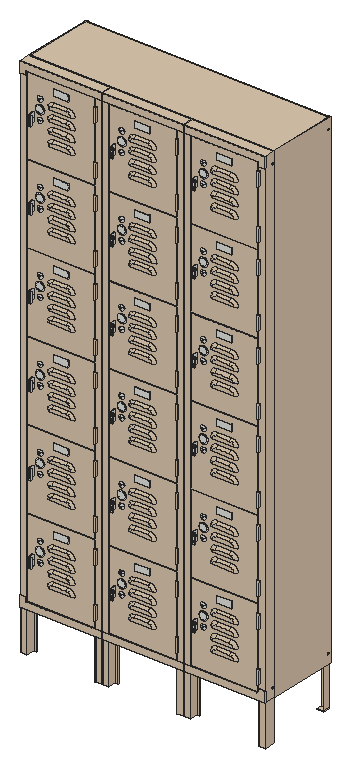
Revit family "Metal_Lockers-Salsbury_Industries-65000_66000_Series-3_Wide_Units", category Specialty Equipment, Revit 2023
Family settings
  Round Connector Dimension = Use Diameter
  Part Type = Normal
  OmniClass Number = 23.40.00.00
  OmniClass Title = Equipment and Furnishings
  Work Plane-Based = No
  Enable Cutting in Views = No
  Always vertical = Yes
  Cut with Voids When Loaded = No
  Maintain Annotation Orientation = No
  Shared = No
  Room Calculation Point = No
Parameters (values of type "66362 - with Standard 6" High Legs")
  Zee Base Corner - Right Side [instance] = Metal Locker Zee Base Corner : None
  Zee Base Corner - Left Side [instance] = Metal Locker Zee Base Corner : None
  Zee Base - Right Side [instance] = Metal Locker Zee Base-Right Side : None
  Zee Base - Left Side [instance] = Metal Locker Zee Base-Left Side : None
  Zee Base = Metal Locker Zee Base - 3 Wide : None
  Width = 36.040"
  Version = "2.0 (06/30/17)"
  Unit Height including Sloping Hood Only [instance] = 78.625"
  Unit Height = 72.000"
  URL = "www.lockers.com"
  Type Comments = "Standard Metal Lockers - Six Tier"
  Total Door(s) Height [instance] = 69.81949"
  Top Row of Doors = yes
  Top Compartment Divider = yes
  Test Data = "https://www.lockers.com/videolibrary/"
  Specification = "https://www.lockers.com/architect-resources//"
  Sloping Top In-Line Filler - Right Side [instance] = Metal Locker Sloping Top Filler : None
  Sloping Top In-Line Filler - Left Side [instance] = Metal Locker Sloping Top Filler : None
  Sloping Top Corner Filler - Right Side [instance] = Metal Locker Sloping Corner Filler : None
  Sloping Top Corner Filler - Left Side [instance] = Metal Locker Sloping Corner Filler : None
  Sloping Hood Height = if(Depth = 12.010", 6.625", if(Depth = 15.010", 8.682", if(Depth = 18.010", 10.739", 0.000")))  # 6.625"
  Sloping Hood = Metal Locker Sloping Hood : None
  Sales Information = "https://www.lockers.com/request_a_quote/"
  Revision = "R1_2018-10"
  Product Data = "https://www.lockers.com/downloads__catalog/"
  Manufacturer Website = "https://www.lockers.com/"
  Manufacturer Phone - Toll Free = "1-800-562-5377"
  Manufacturer Phone = "(323) 846-6700"
  Manufacturer Fax = "1-800-562-5399"
  Manufacturer Address = "1010 East 62nd Street, Los Angeles, CA 90001-1598"
  Keynote = "10 51 00"
  Installation-Fabrication = "https://www.lockers.com/downloads__installation_instructions/"
  Green Building-LEED = "https://www.arcat.com/green/green_building.shtml"
  Drawn By = ""
  Default Elevation = 0.000"
  Copyright = ""
  Construction Details = "https://www.lockers.com/downloads__catalog/"
  Compartment Divider Height = Individual Door Height - 0.375"  # 11.157"
  Right Side Base [instance] = Metal Locker Right Side Base : None
  Primary Structure Material [instance] = Paint - Salsbury Finish - Tan
  Overall Width including Rivets [instance] = 36.120"
  Unit Height including Base Only [instance] = 78.000"
  Overall Unit Height (including Base and Sloping Hood) [instance] = 84.625"
  OmniClass 23 Title = "Equipment and Furnishings"
  OmniClass 23 Number = "23.40.00.00"
  Model = "66362"
  MasterFormat Title = "Lockers"
  MasterFormat Number = "10 51 13"
  Manufacturer = "Salsbury Industries"
  Left Side Base [instance] = Metal Locker Left Side Base : None
  Individual Door Height = 11.532"
  Hasp Plate Rivet Material = Steel -Salsbury Finish - Polished Steel
  Hasp Handle Material = Plastic - Salsbury Finish - Black
  Front Vertical Filler - Right [instance] = Metal Locker Front Filler : None
  Front Vertical Filler - Left [instance] = Metal Locker Front Filler : None
  Front Base [instance] = Metal Locker Front Base : None
  Flat Top In-Line Filler - Right Side [instance] = Metal Locker Flat Top Filler : None
  Flat Top In-Line Filler - Left Side [instance] = Metal Locker Flat Top Filler : None
  Flat Top Corner Filler - Right Side [instance] = Metal Locker Flat Corner Filler : None
  Flat Top Corner Filler - Left Side [instance] = Metal Locker Flat Corner Filler : None
  Individual Door Width [instance] = 33.90055"
  End Panel - Right Side [instance] = Metal Locker End Panel : None
  End Panel - Left Side [instance] = Metal Locker End Panel : None
  Door Location D1 = Metal Locker Doors-12 inch with Latch Hasps : Six Tier Door - 6 foot
  Description = "3 Wide - 6 Feet High - 12 Inches Deep"
  Depth = 12.010"
  Category = ""
  Building Codes = "https://www.lockers.com/downloads__forms_and_information/"
  Base Height = 6.000"
  Standard Leg Base = Metal Locker Legs - 3 Wide : 6" High - 36" W x 12" D
  Assembly Code = "C1030310"
Reference planes (in)
  plane 1 "Center (Front/Back)": y = 0
  plane 2: z = 0
  plane 3 "Center (Left/Right)": x = 0
  plane 4 "Floor": z = 0
  plane 5 "Bottom of Unit": z = 6
  plane 6 "Top of Unit": z = 78
  plane 7 "Left Side of Unit": x = -18.02
  plane 8 "Right Side of Unit": x = 18.02
  plane 9 "Back of Unit": y = 6.005
  plane 10 "Front of Unit": y = -6.005
  plane 11 "Top of Sloping Hood": z = 84.625
  plane 12 "Left Rivet": x = -18.06
  plane 13 "Right Rivet": x = 18.06
  plane 14 "Right Side of Door Opening": x = 17.02
  plane 15 "Left Side of Door Opening": x = -17.02
  plane 16 "Top of Door Opening": z = 77
  plane 17 "Bottom of Door Opening": z = 7
  plane 18 "Back Edge of Front Facing": y = -4.417
  plane 19 "Front Plate Plane": y = -6.065
  plane 20 "Horizontal Center of Top Rivets": z = 76.5
  plane 21 "Horiz Center of Bottom Rivets": z = 7.5
  plane 22 "Vertical Center of Back Rivets": y = 5.505
  plane 23 "Vertical Center of Front Rivets": y = -4.755
  plane 24 "Right Align Top Filler Overlap": x = 17.435
  plane 25 "Left Align Top Filler Overlap": x = -17.435
  plane 26 "Corner Filler Align-Left": x = -18.08
  plane 27 "Corner Filler Align-Right": x = 18.08
  plane 28 "Right Side of Door": x = 16.95026
  plane 29 "Top of Door 1": z = 76.90976
  plane 30 "Bottom of Bottom Door": z = 7.09027
  plane 31 "Zee Base Offset": x = -17.669
  plane 32: x = 17.669
  plane 33 "Compartment Align 3": z = 19.157
  plane 34: x = -17.96
  plane 35: x = 17.96
  plane 36: x = -17.635
  plane 37: x = 17.635
  plane 38: y = 5.945
  plane 39: y = 5.895
  plane 40: y = 5.145
  plane 41: x = -17.9
  plane 42: x = 17.9
  plane 43: x = -17.095
  plane 44: x = 17.095
  plane 45: z = 77.94
  plane 46: z = 19.097
  plane 47: z = 18.157
  plane 48: z = 6.9204
  plane 49: z = 6.18539
  plane 50: z = 76.40796
  plane 51: z = 7.59204
  plane 52 "Right Side of Center Unit": x = 6.00667
  plane 53 "Left Side of Center Unit": x = -6.00667
  plane 54: x = 6.98167
  plane 55 "Left Side of Door Opening-Right Door": x = 7.00667
  plane 56: x = 5.03167
  plane 57 "Right Side of Door Opening-Center Door": x = 5.00667
  plane 58 "Right Side of Door - Center Door": x = 4.93667
  plane 59: x = -5.03167
  plane 60 "Left Side of Door Opening - Center Door": x = -5.00667
  plane 61: x = -6.98167
  plane 62 "Right Side of Door Opening - Left Door": x = -7.00667
  plane 63 "Right Side of Door - Left Door": x = -7.07667
  plane 64: z = 18.157
  plane 65 "Top of Door Row 3": z = 18.62227
  plane 66 "Bottom of Door Row 2": z = 18.74776
  plane 67 "Top of Door Row 2": z = 30.27976
  plane 68: z = 30.40676
  plane 69 "Compartment Align 2": z = 30.77927
  plane 70: z = 30.71927
  plane 71: z = 29.77927
  plane 72: z = 53.22076
  plane 73: z = 41.93876
  plane 74: z = 42.06376
  plane 75: z = 41.43676
  plane 76: z = 42.37676
  plane 77 "Compartment Align 1": z = 42.43676
  plane 78: z = 70.70625
  plane 79: z = 53.59576
  plane 80: z = 53.72076
  plane 81: z = 65.25276
  plane 82: z = 65.37776
  plane 83: z = 53.09576
  plane 84: z = 54.03576
  plane 85: z = 54.09576
  plane 86: z = 64.75276
  plane 87: z = 65.69276
  plane 88: z = 65.75276
  plane 89: z = 82.36525
  plane 90: z = 94.02225
Forms (in)
  Sweep 1, solid, material "Paint - Salsbury Finish - Tan" <- "Primary Structure Material"
    path origin (0, -6.005, 0) x (1, 0, 0) y (0, 0, 1)
      loop
        line (6.00667, 78) -> (6.00667, 6) -> (18.02, 6) -> (18.02, 78) -> (6.00667, 78)
    profile origin (12.01333, -6.005, 78) x (0, 0, 1) y (0, -1, 0)
      loop
        line (0, 0) -> (-1, 0) -> (-1, -1.588) -> (0, -1.588) -> (0, 0)
  Extrusion 2, solid, material "Paint - Salsbury Finish - Tan" <- "Primary Structure Material"
    sketch origin (0, 0, 6) x (0, -1, 0) y (1, 0, 0)
      loop
        line (4.417, 18.02) -> (-6.005, 18.02) -> (-6.005, 17.635) -> (-5.945, 17.635) -> (-5.945, 17.96) -> (4.417, 17.96) -> (4.417, 18.02)
    from 0 to 72
  Extrusion 3, solid, material "Paint - Salsbury Finish - Tan" <- "Primary Structure Material"
    sketch origin (0, 0, 6) x (0, -1, 0) y (1, 0, 0)
      loop
        line (4.417, -18.02) -> (4.417, -17.96) -> (-5.945, -17.96) -> (-5.945, -17.635) -> (-6.005, -17.635) -> (-6.005, -18.02) -> (4.417, -18.02)
    from 0 to 72
  Extrusion 4, solid, material "Paint - Salsbury Finish - Tan" <- "Primary Structure Material"
    sketch origin (0, 0, 6) x (0, -1, 0) y (1, 0, 0)
      loop
        line (-5.945, -17.96) -> (-5.145, -17.96) -> (-5.145, -17.9) -> (-5.895, -17.9) -> (-5.895, 17.9) -> (-5.145, 17.9) -> (-5.145, 17.96) -> (-5.945, 17.96) -> (-5.945, -17.96)
    from 0 to 72
  Sweep 5, solid, material "Paint - Salsbury Finish - Tan" <- "Primary Structure Material"
    path origin (0, 0, 7) x (0, -1, 0) y (1, 0, 0)
      loop
        line (4.417, -17.96) -> (4.417, 17.96) -> (-5.145, 17.96) -> (-5.145, 17.9) -> (-5.895, 17.9) -> (-5.895, -17.9) -> (-5.145, -17.9) -> (-5.145, -17.96) -> (4.417, -17.96)
    profile origin (-17.96, 0.364, 7) x (-1, 0, 0) y (0, 0, 1)
      loop
        line (0, -0.81461) -> (0, -0.0796) -> (-0.06, -0.0796) -> (-0.06, -0.81461) -> (0, -0.81461)
  Extrusion 6, solid, material "Paint - Salsbury Finish - Tan" <- "Primary Structure Material"
    sketch origin (0, 0, 7) x (0, -1, 0) y (1, 0, 0)
      loop
        line (-5.895, -17.9) -> (-5.145, -17.9) -> (-5.145, -17.96) -> (4.417, -17.96) -> (4.417, 17.96) -> (-5.145, 17.96) -> (-5.145, 17.9) -> (-5.895, 17.9) -> (-5.895, -17.9)
    from -0.0796 to 0
  Extrusion 7, solid, material "Paint - Salsbury Finish - Tan" <- "Primary Structure Material"
    sketch origin (0, 0, 78) x (0, -1, 0) y (1, 0, 0)
      loop
        line (-5.895, -17.9) -> (-5.145, -17.9) -> (-5.145, -17.96) -> (4.417, -17.96) -> (4.417, 17.96) -> (-5.145, 17.96) -> (-5.145, 17.9) -> (-5.895, 17.9) -> (-5.895, -17.9)
    from -0.06 to 0
  Extrusion 8, solid, material "Paint - Salsbury Finish - Tan" <- "Primary Structure Material"
    sketch origin (0, -6.065, 0) x (0, 0, -1) y (1, 0, 0)
      loop
        line (-78, -18.02) -> (-76.47656, -18.02)
        arc (-76.47656, -18.02) -> (-76.42806, -17.99991) -> (-76.40796, -17.9514) r 0.0686
        line (-76.40796, -17.9514) -> (-76.40796, -17.16351)
        arc (-76.40796, -17.16351) -> (-76.42809, -17.11506) -> (-76.47656, -17.095) r 0.0686
        line (-76.47656, -17.095) -> (-77, -17.095) -> (-77, 17.095) -> (-76.47656, 17.095)
        arc (-76.47656, 17.095) -> (-76.42809, 17.11506) -> (-76.40796, 17.16351) r 0.0686
        line (-76.40796, 17.16351) -> (-76.40796, 17.9514)
        arc (-76.40796, 17.9514) -> (-76.42806, 17.99991) -> (-76.47656, 18.02) r 0.0686
        line (-76.47656, 18.02) -> (-78, 18.02) -> (-78, -18.02)
    from -0.06 to 0
  Extrusion 9, solid, material "Paint - Salsbury Finish - Tan" <- "Primary Structure Material"
    sketch origin (0, -6.065, 84) x (0, 0, 1) y (-1, 0, 0)
      loop
        line (-78, 18.02) -> (-78, -18.02) -> (-76.47656, -18.02)
        arc (-76.47656, -18.02) -> (-76.42806, -17.99991) -> (-76.40796, -17.9514) r 0.0686
        line (-76.40796, -17.9514) -> (-76.40796, -17.16351)
        arc (-76.40796, -17.16351) -> (-76.42809, -17.11506) -> (-76.47656, -17.095) r 0.0686
        line (-76.47656, -17.095) -> (-77, -17.095) -> (-77, 17.095) -> (-76.47656, 17.095)
        arc (-76.47656, 17.095) -> (-76.42809, 17.11506) -> (-76.40796, 17.16351) r 0.0686
        line (-76.40796, 17.16351) -> (-76.40796, 17.9514)
        arc (-76.40796, 17.9514) -> (-76.42806, 17.99991) -> (-76.47656, 18.02) r 0.0686
        line (-76.47656, 18.02) -> (-78, 18.02)
    from -0.06 to 0
  Blend 10, solid, material "Steel -Salsbury Finish - Polished Steel" <- "Hasp Plate Rivet Material"
    base sketch origin (18.02, 0, 0) x (0, 0, -1) y (0, -1, 0)
      loop
        circle (-76.5, 4.755) r 0.187
    top sketch origin (18.02, 0, 0) x (0, 0, -1) y (0, -1, 0)
      loop
        circle (-76.5, 4.755) r 0.05319
    from 0 to -0.04
  Blend 11, solid, material "Steel -Salsbury Finish - Polished Steel" <- "Hasp Plate Rivet Material"
    base sketch origin (18.02, 0, -69) x (0, 0, -1) y (0, -1, 0)
      loop
        circle (-76.5, 4.755) r 0.187
    top sketch origin (18.02, 0, -69) x (0, 0, -1) y (0, -1, 0)
      loop
        circle (-76.5, 4.755) r 0.05319
    from 0 to -0.04
  Blend 12, solid, material "Steel -Salsbury Finish - Polished Steel" <- "Hasp Plate Rivet Material"
    base sketch origin (18.02, 10.26, -69) x (0, 0, -1) y (0, -1, 0)
      loop
        circle (-76.5, 4.755) r 0.187
    top sketch origin (18.02, 10.26, -69) x (0, 0, -1) y (0, -1, 0)
      loop
        circle (-76.5, 4.755) r 0.05319
    from 0 to -0.04
  Blend 13, solid, material "Steel -Salsbury Finish - Polished Steel" <- "Hasp Plate Rivet Material"
    base sketch origin (18.02, 10.26, 0.0043) x (0, 0, -1) y (0, -1, 0)
      loop
        circle (-76.5, 4.755) r 0.187
    top sketch origin (18.02, 10.26, 0.0043) x (0, 0, -1) y (0, -1, 0)
      loop
        circle (-76.5, 4.755) r 0.05319
    from 0 to -0.04
  Blend 14, solid, material "Steel -Salsbury Finish - Polished Steel" <- "Hasp Plate Rivet Material"
    base sketch origin (-6.02, 0, -69) x (0, 0, -1) y (0, 1, 0)
      loop
        circle (-76.5, -4.755) r 0.187
    top sketch origin (-6.02, 0, -69) x (0, 0, -1) y (0, 1, 0)
      loop
        circle (-76.5, -4.755) r 0.05319
    from -12 to -12.04
  Blend 15, solid, material "Steel -Salsbury Finish - Polished Steel" <- "Hasp Plate Rivet Material"
    base sketch origin (-6.02, 10.26, -69) x (0, 0, -1) y (0, 1, 0)
      loop
        circle (-76.5, -4.755) r 0.187
    top sketch origin (-6.02, 10.26, -69) x (0, 0, -1) y (0, 1, 0)
      loop
        circle (-76.5, -4.755) r 0.05319
    from -12 to -12.04
  Blend 16, solid, material "Steel -Salsbury Finish - Polished Steel" <- "Hasp Plate Rivet Material"
    base sketch origin (-6.02, 0, 0) x (0, 0, -1) y (0, 1, 0)
      loop
        circle (-76.5, -4.755) r 0.187
    top sketch origin (-6.02, 0, 0) x (0, 0, -1) y (0, 1, 0)
      loop
        circle (-76.5, -4.755) r 0.05319
    from -12 to -12.04
  Blend 17, solid, material "Steel -Salsbury Finish - Polished Steel" <- "Hasp Plate Rivet Material"
    base sketch origin (-6.02, 10.26, 0.00039) x (0, 0, -1) y (0, 1, 0)
      loop
        circle (-76.5, -4.755) r 0.187
    top sketch origin (-6.02, 10.26, 0.00039) x (0, 0, -1) y (0, 1, 0)
      loop
        circle (-76.5, -4.755) r 0.05319
    from -12 to -12.04
  Extrusion 18, solid, material "Paint - Salsbury Finish - Tan" <- "Primary Structure Material"
    sketch origin (0, 0, 19.157) x (0, -1, 0) y (1, 0, 0)
      loop
        line (-5.945, -17.9) -> (-5.145, -17.9) -> (-5.145, -17.96) -> (4.417, -17.96) -> (4.417, 17.96) -> (-5.145, 17.96) -> (-5.145, 17.9) -> (-5.945, 17.9) -> (-5.945, -17.9)
    from -0.06 to 0
  Sweep 19, solid, material "Paint - Salsbury Finish - Tan" <- "Primary Structure Material"
    path origin (0, 0, 19.157) x (0, -1, 0) y (1, 0, 0)
      loop
        line (4.417, -17.96) -> (4.417, 17.96) -> (-5.145, 17.96) -> (-5.145, 17.9) -> (-5.945, 17.9) -> (-5.945, -17.9) -> (-5.145, -17.9) -> (-5.145, -17.96) -> (4.417, -17.96)
    profile origin (-17.96, 0.364, 19.157) x (-1, 0, 0) y (0, 0, 1)
      loop
        line (0, -1) -> (0, -0.06) -> (-0.06, -0.06) -> (-0.06, -1) -> (0, -1)
  Sweep 20, solid, material "Paint - Salsbury Finish - Tan" <- "Primary Structure Material"
    path origin (-12.01333, -6.005, 0) x (1, 0, 0) y (0, 0, 1)
      loop
        line (6.00667, 78) -> (6.00667, 6) -> (18.02, 6) -> (18.02, 78) -> (6.00667, 78)
    profile origin (0, -6.005, 78) x (0, 0, 1) y (0, -1, 0)
      loop
        line (0, 0) -> (-1, 0) -> (-1, -1.588) -> (0, -1.588) -> (0, 0)
  Sweep 21, solid, material "Paint - Salsbury Finish - Tan" <- "Primary Structure Material"
    path origin (-24.02667, -6.005, 0) x (1, 0, 0) y (0, 0, 1)
      loop
        line (6.00667, 78) -> (6.00667, 6) -> (18.02, 6) -> (18.02, 78) -> (6.00667, 78)
    profile origin (-12.01333, -6.005, 78) x (0, 0, 1) y (0, -1, 0)
      loop
        line (0, 0) -> (-1, 0) -> (-1, -1.588) -> (0, -1.588) -> (0, 0)
  Extrusion 22, solid, material "Paint - Salsbury Finish - Tan" <- "Primary Structure Material"
    sketch origin (0, 0, 30.77927) x (0, -1, 0) y (1, 0, 0)
      loop
        line (-5.945, -17.9) -> (-5.145, -17.9) -> (-5.145, -17.96) -> (4.417, -17.96) -> (4.417, 17.96) -> (-5.145, 17.96) -> (-5.145, 17.9) -> (-5.945, 17.9) -> (-5.945, -17.9)
    from -0.06 to 0
  Sweep 23, solid, material "Paint - Salsbury Finish - Tan" <- "Primary Structure Material"
    path origin (0, 0, 30.77927) x (0, -1, 0) y (1, 0, 0)
      loop
        line (4.417, -17.96) -> (4.417, 17.96) -> (-5.145, 17.96) -> (-5.145, 17.9) -> (-5.945, 17.9) -> (-5.945, -17.9) -> (-5.145, -17.9) -> (-5.145, -17.96) -> (4.417, -17.96)
    profile origin (-17.96, 0.364, 30.77927) x (-1, 0, 0) y (0, 0, 1)
      loop
        line (0, -1) -> (0, -0.06) -> (-0.06, -0.06) -> (-0.06, -1) -> (0, -1)
  Extrusion 24, solid, material "Paint - Salsbury Finish - Tan" <- "Primary Structure Material"
    sketch origin (0, 0, 42.43676) x (0, -1, 0) y (1, 0, 0)
      loop
        line (-5.945, -17.9) -> (-5.145, -17.9) -> (-5.145, -17.96) -> (4.417, -17.96) -> (4.417, 17.96) -> (-5.145, 17.96) -> (-5.145, 17.9) -> (-5.945, 17.9) -> (-5.945, -17.9)
    from -0.06 to 0
  Sweep 25, solid, material "Paint - Salsbury Finish - Tan" <- "Primary Structure Material"
    path origin (0, 0, 42.43676) x (0, -1, 0) y (1, 0, 0)
      loop
        line (4.417, -17.96) -> (4.417, 17.96) -> (-5.145, 17.96) -> (-5.145, 17.9) -> (-5.945, 17.9) -> (-5.945, -17.9) -> (-5.145, -17.9) -> (-5.145, -17.96) -> (4.417, -17.96)
    profile origin (-17.96, 0.364, 42.43676) x (-1, 0, 0) y (0, 0, 1)
      loop
        line (0, -1) -> (0, -0.06) -> (-0.06, -0.06) -> (-0.06, -1) -> (0, -1)
  Extrusion 26, solid, material "Paint - Salsbury Finish - Tan" <- "Primary Structure Material"
    sketch origin (0, 0, 54.09576) x (0, -1, 0) y (1, 0, 0)
      loop
        line (-5.945, -17.9) -> (-5.145, -17.9) -> (-5.145, -17.96) -> (4.417, -17.96) -> (4.417, 17.96) -> (-5.145, 17.96) -> (-5.145, 17.9) -> (-5.945, 17.9) -> (-5.945, -17.9)
    from -0.06 to 0
  Sweep 27, solid, material "Paint - Salsbury Finish - Tan" <- "Primary Structure Material"
    path origin (0, 0, 54.09576) x (0, -1, 0) y (1, 0, 0)
      loop
        line (4.417, -17.96) -> (4.417, 17.96) -> (-5.145, 17.96) -> (-5.145, 17.9) -> (-5.945, 17.9) -> (-5.945, -17.9) -> (-5.145, -17.9) -> (-5.145, -17.96) -> (4.417, -17.96)
    profile origin (-17.96, 0.364, 54.09576) x (-1, 0, 0) y (0, 0, 1)
      loop
        line (0, -1) -> (0, -0.06) -> (-0.06, -0.06) -> (-0.06, -1) -> (0, -1)
  Extrusion 28, solid, material "Paint - Salsbury Finish - Tan" <- "Primary Structure Material", visible <- "Top Compartment Divider"
    sketch origin (0, 0, 65.75276) x (0, -1, 0) y (1, 0, 0)
      loop
        line (-5.945, -17.9) -> (-5.145, -17.9) -> (-5.145, -17.96) -> (4.417, -17.96) -> (4.417, 17.96) -> (-5.145, 17.96) -> (-5.145, 17.9) -> (-5.945, 17.9) -> (-5.945, -17.9)
    from -0.06 to 0
  Sweep 29, solid, material "Paint - Salsbury Finish - Tan" <- "Primary Structure Material", visible <- "Top Compartment Divider"
    path origin (0, 0, 65.75276) x (0, -1, 0) y (1, 0, 0)
      loop
        line (4.417, -17.96) -> (4.417, 17.96) -> (-5.145, 17.96) -> (-5.145, 17.9) -> (-5.945, 17.9) -> (-5.945, -17.9) -> (-5.145, -17.9) -> (-5.145, -17.96) -> (4.417, -17.96)
    profile origin (-17.96, 0.364, 65.75276) x (-1, 0, 0) y (0, 0, 1)
      loop
        line (0, -1) -> (0, -0.06) -> (-0.06, -0.06) -> (-0.06, -1) -> (0, -1)
Lines and regions (in)
  reference lines
    curve 1: line (-41.59242, -6.065, 78) -> (48.15758, -6.065, 78)
  symbolic lines
    curve 2: line (-18.02, 6.005, 78) -> (18.02, 6.005, 78)
    curve 3: line (-18.02, -6.065, 78) -> (-18.02, 6.005, 78)
    curve 4: line (18.02, -6.065, 78) -> (-18.02, -6.065, 78)
    curve 5: line (18.02, 6.005, 78) -> (18.02, -6.065, 78)
    curve 6: line (-18.06, -4.80819, 78) -> (-18.02, -4.91809, 78)
    curve 7: line (-18.02, -4.58043, 78) -> (-18.06, -4.70181, 78)
    curve 8: line (-18.06, -4.80819, 78) -> (-18.06, -4.70181, 78)
    curve 9: line (-18.06, 5.45181, 78) -> (-18.02, 5.31077, 78)
    curve 10: line (-18.06, 5.55819, 78) -> (-18.02, 5.68474, 78)
    curve 11: line (-18.06, 5.55819, 78) -> (-18.06, 5.45181, 78)
    curve 12: line (18.06, 5.55819, 78) -> (18.02, 5.70747, 78)
    curve 13: line (18.06, 5.45181, 78) -> (18.02, 5.3179, 78)
    curve 14: line (18.06, 5.55819, 78) -> (18.06, 5.45181, 78)
    curve 15: line (18.06, -4.70181, 78) -> (18.02, -4.57098, 78)
    curve 16: line (18.06, -4.80819, 78) -> (18.02, -4.94769, 78)
    curve 17: line (18.06, -4.70181, 78) -> (18.06, -4.80819, 78)
  model lines
    curve 18: line (6.00667, 6.005, 6) -> (6.00667, 6.005, 78)
    curve 19: line (-6.00667, 6.005, 6) -> (-6.00667, 6.005, 78)
    curve 20: line (-6.00667, 5.945, 78) -> (-6.00667, -6.065, 78)
    curve 21: line (6.00667, 5.945, 78) -> (6.00667, -6.065, 78)
Dimensions and locks (in)
  equal spacing: plane 7 "Left Side of Unit", plane 53 "Left Side of Center Unit", plane 52 "Right Side of Center Unit", plane 8 "Right Side of Unit"
  "Width": plane 7 "Left Side of Unit" to plane 8 "Right Side of Unit"
  "Base Height": plane 5 "Bottom of Unit" to plane 4 "Floor"
  "Unit Height": plane 6 "Top of Unit" to plane 5 "Bottom of Unit"
  "Unit Height including Base Only": plane 6 "Top of Unit" to plane 4 "Floor"
  equal spacing: plane 10 "Front of Unit", plane 1 "Center (Front/Back)", plane 9 "Back of Unit"
  "Depth": plane 10 "Front of Unit" to plane 9 "Back of Unit"
  "Sloping Hood Height": plane 11 "Top of Sloping Hood" to plane 6 "Top of Unit"
  "Overall Unit Height (including Base and Sloping Hood)": plane 11 "Top of Sloping Hood" to plane 4 "Floor"
  locked: plane 12 "Left Rivet" to plane 7 "Left Side of Unit" at 0.04
  locked: plane 8 "Right Side of Unit" to plane 13 "Right Rivet" at 0.04
  "Overall Width including Rivets": plane 12 "Left Rivet" to plane 13 "Right Rivet"
  plane 6 "Top of Unit" to plane 16 "Top of Door Opening" to plane 29 "Top of Door 1" to plane 50 = 1.000" locked, 0.09024", 0.5018"
  plane 51 to plane 30 "Bottom of Bottom Door" to plane 17 "Bottom of Door Opening" to plane 5 "Bottom of Unit" = 0.50177", 0.09027", 1.000" locked
  locked: plane 7 "Left Side of Unit" to plane 15 "Left Side of Door Opening" at 1
  plane 28 "Right Side of Door" to plane 14 "Right Side of Door Opening" to plane 8 "Right Side of Unit" = 0.06974", 1.000" locked
  plane 19 "Front Plate Plane" to plane 10 "Front of Unit" to plane 18 "Back Edge of Front Facing" = 0.060" locked, 1.588" locked
  "Unit Height including Sloping Hood Only": plane 11 "Top of Sloping Hood" to plane 5 "Bottom of Unit"
  locked: plane 20 "Horizontal Center of Top Rivets" to plane 6 "Top of Unit" at 1.5
  locked: plane 5 "Bottom of Unit" to plane 21 "Horiz Center of Bottom Rivets" at 1.5
  locked: plane 22 "Vertical Center of Back Rivets" to plane 9 "Back of Unit" at 0.5
  locked: plane 10 "Front of Unit" to plane 23 "Vertical Center of Front Rivets" at 1.25
  locked: plane 24 "Right Align Top Filler Overlap" to plane 13 "Right Rivet" at 0.625
  locked: plane 12 "Left Rivet" to plane 25 "Left Align Top Filler Overlap" at 0.625
  locked: plane 8 "Right Side of Unit" to plane 27 "Corner Filler Align-Right" at 0.06
  locked: plane 26 "Corner Filler Align-Left" to plane 7 "Left Side of Unit" at 0.06
  "Total Door(s) Height": plane 29 "Top of Door 1" to plane 30 "Bottom of Bottom Door"
  plane 7 "Left Side of Unit" to plane 31 "Zee Base Offset" = 0.351"
  plane 32 to plane 8 "Right Side of Unit" = 0.351"
  plane 33 "Compartment Align 3" to plane 46 to plane 64 = 0.060" locked, 0.940" locked
  plane 7 "Left Side of Unit" to plane 34 to plane 41 to plane 36 = 0.060" locked, 0.060" locked, 0.265" locked
  plane 37 to plane 42 to plane 35 to plane 8 "Right Side of Unit" = 0.265" locked, 0.060", 0.060"
  plane 40 to plane 39 to plane 38 to plane 9 "Back of Unit" = 0.750" locked, 0.050", 0.060"
  locked: plane 7 "Left Side of Unit" to plane 43 at 0.925
  locked: plane 44 to plane 8 "Right Side of Unit" at 0.925
  locked: plane 6 "Top of Unit" to plane 45 at 0.06
  plane 46 to plane 47 = 0.940"
  locked: plane 17 "Bottom of Door Opening" to plane 48 at 0.0796
  plane 48 to plane 49 = 0.73501"
  plane 58 "Right Side of Door - Center Door" to plane 57 "Right Side of Door Opening-Center Door" to plane 56 to plane 52 "Right Side of Center Unit" to plane 54 to plane 55 "Left Side of Door Opening-Right Door" = 0.070", 0.025", 0.975", 0.975", 0.025"
  plane 63 "Right Side of Door - Left Door" to plane 62 "Right Side of Door Opening - Left Door" to plane 61 to plane 53 "Left Side of Center Unit" to plane 59 to plane 60 "Left Side of Door Opening - Center Door" = 0.070", 0.025", 0.975", 0.975", 0.025"
  "Individual Door Height": plane 65 "Top of Door Row 3" to plane 30 "Bottom of Bottom Door"
  "Compartment Divider Height": plane 64 to plane 17 "Bottom of Door Opening"
  locked: plane 66 "Bottom of Door Row 2" to plane 65 "Top of Door Row 3" at 0.12549
  "Individual Door Height": plane 67 "Top of Door Row 2" to plane 66 "Bottom of Door Row 2"
  locked: plane 68 to plane 67 "Top of Door Row 2" at 0.127
  plane 69 "Compartment Align 2" to plane 70 to plane 71 = 0.060" locked, 0.940" locked
  "Compartment Divider Height": plane 71 to plane 65 "Top of Door Row 3"
  "Individual Door Height": plane 73 to plane 68
  locked: plane 74 to plane 73 at 0.125
  "Compartment Divider Height": plane 75 to plane 67 "Top of Door Row 2"
  plane 77 "Compartment Align 1" to plane 76 to plane 75 = 0.060" locked, 0.940" locked
  locked: plane 80 to plane 79 at 0.125
  locked: plane 82 to plane 81 at 0.125
  "Individual Door Height": plane 79 to plane 74
  "Individual Door Height": plane 81 to plane 80
  "Compartment Divider Height": plane 83 to plane 73
  "Compartment Divider Height": plane 86 to plane 79
  plane 85 to plane 84 to plane 83 = 0.060" locked, 0.940" locked
  plane 88 to plane 87 to plane 86 = 0.060" locked, 0.940" locked
  aligned and locked: level to plane 2
  aligned and locked: Extrusion 2 to plane 6 "Top of Unit"
  aligned and locked: Extrusion 3 to plane 6 "Top of Unit"
  aligned and locked: Extrusion 4 to plane 6 "Top of Unit"
  aligned and locked: Extrusion 8 to plane 10 "Front of Unit"
  aligned and locked: Extrusion 9 to plane 10 "Front of Unit"
  aligned and locked: Extrusion 6 to plane 17 "Bottom of Door Opening"
  aligned and locked: plane 4 "Floor" to nested 2
  aligned and locked: plane 5 "Bottom of Unit" to Extrusion 9
  aligned and locked: plane 8 "Right Side of Unit" to nested 6
  aligned and locked: plane 7 "Left Side of Unit" to nested 7
  aligned and locked: Blend 10 to plane 13 "Right Rivet"
  aligned and locked: plane 8 "Right Side of Unit" to Blend 10
  aligned and locked: Blend 15 to plane 7 "Left Side of Unit"
  aligned and locked: Blend 14 to plane 7 "Left Side of Unit"  (x2)
  aligned and locked: plane 12 "Left Rivet" to Blend 14
  aligned and locked: plane 12 "Left Rivet" to Blend 15
  aligned and locked: Blend 14 to plane 12 "Left Rivet"
  aligned and locked: Blend 17 to plane 7 "Left Side of Unit"
  aligned and locked: plane 12 "Left Rivet" to Blend 17
  aligned and locked: Blend 16 to plane 7 "Left Side of Unit"
  aligned and locked: plane 12 "Left Rivet" to Blend 16
  aligned and locked: plane 5 "Bottom of Unit" to nested 10
  aligned and locked: plane 13 "Right Rivet" to nested 10
  aligned and locked: plane 12 "Left Rivet" to nested 11
  aligned and locked: nested 11 to plane 10 "Front of Unit"
  aligned and locked: plane 13 "Right Rivet" to nested 12
  aligned and locked: plane 10 "Front of Unit" to nested 12
  aligned and locked: plane 6 "Top of Unit" to nested 12
  aligned and locked: plane 12 "Left Rivet" to nested 13
  aligned and locked: plane 10 "Front of Unit" to nested 13
  aligned and locked: plane 6 "Top of Unit" to nested 13
  aligned and locked: plane 6 "Top of Unit" to nested 14
  aligned and locked: nested 14 to plane 19 "Front Plate Plane"
  aligned and locked: nested 14 to plane 24 "Right Align Top Filler Overlap"
  aligned and locked: nested 15 to plane 25 "Left Align Top Filler Overlap"
  aligned and locked: nested 15 to plane 19 "Front Plate Plane"
  aligned and locked: nested 10 to nested 15
  aligned and locked: plane 19 "Front Plate Plane" to nested 16
  aligned and locked: plane 6 "Top of Unit" to nested 16
  aligned and locked: nested 17 to plane 6 "Top of Unit"
  aligned and locked: nested 17 to plane 19 "Front Plate Plane"
  aligned and locked: nested 18 to plane 24 "Right Align Top Filler Overlap"
  aligned and locked: nested 18 to plane 19 "Front Plate Plane"
  aligned and locked: plane 16 "Top of Door Opening" to nested 18
  aligned and locked: nested 19 to plane 16 "Top of Door Opening"
  aligned and locked: nested 19 to plane 25 "Left Align Top Filler Overlap"
  aligned and locked: nested 19 to plane 19 "Front Plate Plane"
  aligned and locked: nested 11 to plane 6 "Top of Unit"
  aligned and locked: plane 10 "Front of Unit" to nested 10
  aligned and locked: plane 10 "Front of Unit" to nested 22
  aligned and locked: plane 10 "Front of Unit" to nested 1
  aligned and locked: plane 10 "Front of Unit" to nested 2
  aligned and locked: plane 7 "Left Side of Unit" to nested 17
  aligned and locked: plane 31 "Zee Base Offset" to nested 9
  aligned and locked: plane 18 "Back Edge of Front Facing" to nested 9
  aligned and locked: nested 8 to plane 18 "Back Edge of Front Facing"
  aligned and locked: plane 32 to nested 8
  aligned and locked: nested 21 to curve 1
  aligned and locked: nested 20 to curve 1
  aligned and locked: Sweep 19 sketch curve to Extrusion 18
  aligned and locked: plane 7 "Left Side of Unit" to Extrusion 3
  aligned and locked: Extrusion 3 to plane 9 "Back of Unit"
  aligned and locked: Extrusion 2 to plane 8 "Right Side of Unit"
  aligned and locked: Extrusion 2 to plane 9 "Back of Unit"
  aligned and locked: plane 18 "Back Edge of Front Facing" to Extrusion 3
  aligned and locked: plane 18 "Back Edge of Front Facing" to Extrusion 2
  aligned and locked: plane 34 to Extrusion 3
  aligned and locked: plane 35 to Extrusion 2
  aligned and locked: plane 36 to Extrusion 3
  aligned and locked: plane 37 to Extrusion 2
  aligned and locked: Extrusion 3 to plane 38
  aligned and locked: plane 38 to Extrusion 2
  aligned and locked: Extrusion 4 to plane 38
  aligned and locked: Extrusion 4 to plane 39
  aligned and locked: plane 34 to Extrusion 4
  aligned and locked: plane 40 to Extrusion 4  (x2)
  aligned and locked: plane 41 to Extrusion 4
  aligned and locked: plane 42 to Extrusion 4
  aligned and locked: Extrusion 7 to plane 39
  aligned and locked: plane 41 to Extrusion 7
  aligned and locked: plane 34 to Extrusion 7  (x2)
  aligned and locked: Extrusion 7 to plane 40  (x2)
  aligned and locked: Extrusion 7 to plane 42
  aligned and locked: Extrusion 7 to plane 35  (x2)
  aligned and locked: plane 18 "Back Edge of Front Facing" to Extrusion 7
  aligned and locked: plane 18 "Back Edge of Front Facing" to Extrusion 6
  aligned and locked: Extrusion 6 to plane 39
  aligned and locked: Extrusion 6 to plane 42
  aligned and locked: Extrusion 6 to plane 40  (x2)
  aligned and locked: Extrusion 6 to plane 35
  aligned and locked: plane 41 to Extrusion 6
  aligned and locked: plane 34 to Extrusion 6
  aligned and locked: Sweep 5 to plane 39
  aligned and locked: Sweep 5 to plane 40  (x2)
  aligned and locked: Sweep 5 to plane 42
  aligned and locked: Sweep 5 to plane 35
  aligned and locked: plane 18 "Back Edge of Front Facing" to Sweep 5
  aligned and locked: plane 34 to Sweep 5
  aligned and locked: plane 41 to Sweep 5
  aligned and locked: Sweep 5 sketch curve to plane 41
  aligned and locked: Sweep 5 sketch curve to plane 39
  aligned and locked: plane 40 to Sweep 5 sketch curve  (x2)
  aligned and locked: Sweep 5 sketch curve to plane 34  (x2)
  aligned and locked: plane 42 to Sweep 5 sketch curve
  aligned and locked: plane 35 to Sweep 5 sketch curve
  aligned and locked: Sweep 5 sketch curve to plane 18 "Back Edge of Front Facing"
  aligned and locked: Extrusion 18 to plane 42
  aligned and locked: Extrusion 18 to plane 40  (x2)
  aligned and locked: Extrusion 18 to plane 35
  aligned and locked: plane 18 "Back Edge of Front Facing" to Extrusion 18
  aligned and locked: plane 34 to Extrusion 18
  aligned and locked: plane 41 to Extrusion 18
  aligned and locked: plane 42 to Sweep 19 sketch curve
  aligned and locked: plane 40 to Sweep 19 sketch curve  (x2)
  aligned and locked: plane 35 to Sweep 19 sketch curve
  aligned and locked: Sweep 19 sketch curve to plane 18 "Back Edge of Front Facing"
  aligned and locked: Sweep 19 sketch curve to plane 34  (x2)
  aligned and locked: Sweep 19 sketch curve to plane 41
  aligned and locked: plane 6 "Top of Unit" to Sweep 1 sketch curve  (x2)
  aligned and locked: plane 8 "Right Side of Unit" to Sweep 1 sketch curve
  aligned and locked: Sweep 1 sketch curve to plane 5 "Bottom of Unit"
  aligned and locked: plane 10 "Front of Unit" to Sweep 1
  aligned and locked: Extrusion 8 to plane 19 "Front Plate Plane"
  aligned and locked: plane 10 "Front of Unit" to Extrusion 8
  aligned and locked: Extrusion 8 to plane 8 "Right Side of Unit"
  aligned and locked: plane 7 "Left Side of Unit" to Extrusion 8
  aligned and locked: plane 7 "Left Side of Unit" to Extrusion 9
  aligned and locked: plane 19 "Front Plate Plane" to Extrusion 9
  aligned and locked: Extrusion 9 to plane 8 "Right Side of Unit"
  aligned and locked: plane 43 to Extrusion 9
  aligned and locked: plane 44 to Extrusion 9
  aligned and locked: plane 44 to Extrusion 8
  aligned and locked: Extrusion 8 to plane 43
  aligned and locked: plane 28 "Right Side of Door" to nested 22
  aligned and locked: plane 18 "Back Edge of Front Facing" to Sweep 1 sketch curve
  aligned and locked: Sweep 1 sketch curve to plane 16 "Top of Door Opening"
  aligned and locked: Sweep 1 sketch curve to plane 10 "Front of Unit"
  aligned and locked: plane 5 "Bottom of Unit" to Extrusion 4
  aligned and locked: Extrusion 4 to plane 35
  aligned and locked: plane 5 "Bottom of Unit" to Extrusion 3
  aligned and locked: plane 5 "Bottom of Unit" to Extrusion 2
  aligned and locked: Extrusion 7 to plane 6 "Top of Unit"
  aligned and locked: plane 45 to Extrusion 7
  aligned and locked: Extrusion 18 to plane 33 "Compartment Align 3"
  aligned and locked: Extrusion 18 to plane 46
  aligned and locked: plane 41 to Sweep 19 sketch curve
  aligned and locked: plane 47 to Sweep 19 sketch curve
  aligned and locked: Extrusion 6 to plane 48
  aligned and locked: Sweep 5 to plane 48
  aligned and locked: Sweep 5 sketch curve to plane 49
  aligned and locked: Sweep 5 sketch curve to plane 48
  aligned and locked: plane 41 to Sweep 5 sketch curve
  aligned and locked: plane 50 to Extrusion 8
  aligned and locked: Extrusion 8 to plane 50
  aligned and locked: Extrusion 8 to plane 6 "Top of Unit"
  aligned and locked: plane 16 "Top of Door Opening" to Extrusion 8
  aligned and locked: Extrusion 9 to plane 17 "Bottom of Door Opening"
  aligned and locked: plane 51 to Extrusion 9  (x2)
  aligned and locked: plane 4 "Floor" to nested 1
  aligned and locked: Blend 12 to plane 13 "Right Rivet"
  aligned and locked: plane 8 "Right Side of Unit" to Blend 12
  aligned and locked: plane 8 "Right Side of Unit" to Blend 13
  aligned and locked: Blend 13 to plane 13 "Right Rivet"
  aligned and locked: plane 8 "Right Side of Unit" to Blend 11
  aligned and locked: Blend 11 to plane 13 "Right Rivet"
  aligned and locked: nested 21 to curve 3
  aligned and locked: curve 4 to Extrusion 8
  aligned and locked: curve 5 to Extrusion 8
  aligned and locked: curve 8 to Blend 14
  aligned and locked: curve 11 to Blend 15
  aligned and locked: curve 14 to Blend 12
  aligned and locked: curve 17 to Blend 10
  aligned and locked: plane 8 "Right Side of Unit" to nested 20
  aligned and locked: plane 7 "Left Side of Unit" to nested 21
  aligned and locked: Sweep 1 sketch curve to plane 52 "Right Side of Center Unit"
  aligned and locked: plane 6 "Top of Unit" to Sweep 20 sketch curve
  aligned and locked: Sweep 20 sketch curve to plane 5 "Bottom of Unit"
  aligned and locked: Sweep 21 sketch curve to plane 5 "Bottom of Unit"
  aligned and locked: plane 53 "Left Side of Center Unit" to Sweep 21 sketch curve
  aligned and locked: Sweep 21 sketch curve to plane 7 "Left Side of Unit"
  aligned and locked: plane 6 "Top of Unit" to Sweep 21 sketch curve
  aligned and locked: Sweep 20 sketch curve to plane 53 "Left Side of Center Unit"
  aligned and locked: plane 52 "Right Side of Center Unit" to Sweep 20 sketch curve
  aligned and locked: plane 10 "Front of Unit" to nested 24
  aligned and locked: plane 18 "Back Edge of Front Facing" to Sweep 20 sketch curve
  aligned and locked: Sweep 20 sketch curve to plane 16 "Top of Door Opening"
  aligned and locked: profile plane to Sweep 20 sketch curve
  aligned and locked: Sweep 20 sketch curve to profile plane
  aligned and locked: profile plane to Sweep 21 sketch curve
  aligned and locked: plane 18 "Back Edge of Front Facing" to Sweep 21 sketch curve
  aligned and locked: Sweep 21 sketch curve to plane 16 "Top of Door Opening"
  aligned and locked: Sweep 21 sketch curve to profile plane
  aligned and locked: plane 58 "Right Side of Door - Center Door" to nested 23
  aligned and locked: plane 63 "Right Side of Door - Left Door" to nested 24
  aligned and locked: nested 23 to plane 30 "Bottom of Bottom Door"
  aligned and locked: nested 24 to plane 30 "Bottom of Bottom Door"
  aligned and locked: plane 4 "Floor" to nested 5
  aligned and locked: plane 8 "Right Side of Unit" to nested 5
  aligned and locked: plane 9 "Back of Unit" to nested 6
  aligned and locked: plane 9 "Back of Unit" to nested 7
  aligned and locked: plane 52 "Right Side of Center Unit" to curve 18
  aligned and locked: plane 53 "Left Side of Center Unit" to curve 19
  aligned and locked: plane 5 "Bottom of Unit" to curve 19
  aligned and locked: plane 5 "Bottom of Unit" to curve 18
  aligned and locked: plane 6 "Top of Unit" to curve 18
  aligned and locked: plane 6 "Top of Unit" to curve 19
  aligned and locked: curve 20 to Extrusion 4
  aligned and locked: curve 20 to Sweep 21
  aligned and locked: curve 21 to Sweep 20
  aligned and locked: Extrusion 4 to curve 21
  aligned and locked: Extrusion 8 to curve 20
  aligned and locked: plane 6 "Top of Unit" to nested 25
  aligned and locked: plane 19 "Front Plate Plane" to nested 25
  aligned and locked: plane 10 "Front of Unit" to nested 23
  aligned and locked: nested 22 to plane 30 "Bottom of Bottom Door"
  aligned and locked: Sweep 19 to plane 64
  aligned and locked: nested 26 to plane 66 "Bottom of Door Row 2"
  aligned and locked: nested 27 to plane 66 "Bottom of Door Row 2"
  aligned and locked: nested 28 to plane 66 "Bottom of Door Row 2"
  aligned and locked: plane 28 "Right Side of Door" to nested 26
  aligned and locked: plane 58 "Right Side of Door - Center Door" to nested 27
  aligned and locked: plane 63 "Right Side of Door - Left Door" to nested 28
  aligned and locked: plane 10 "Front of Unit" to nested 26
  aligned and locked: plane 10 "Front of Unit" to nested 27
  aligned and locked: plane 10 "Front of Unit" to nested 28
  aligned and locked: plane 68 to nested 29
  aligned and locked: nested 30 to plane 68
  aligned and locked: nested 31 to plane 68
  aligned and locked: Extrusion 22 to Sweep 23 sketch curve
  aligned and locked: plane 70 to Extrusion 22
  aligned and locked: Extrusion 22 to plane 69 "Compartment Align 2"
  aligned and locked: Sweep 23 sketch curve to plane 71
  aligned and locked: plane 28 "Right Side of Door" to nested 29
  aligned and locked: plane 58 "Right Side of Door - Center Door" to nested 30
  aligned and locked: plane 63 "Right Side of Door - Left Door" to nested 31
  aligned and locked: plane 10 "Front of Unit" to nested 29
  aligned and locked: plane 10 "Front of Unit" to nested 30
  aligned and locked: plane 10 "Front of Unit" to nested 31
  aligned and locked: Sweep 23 to Extrusion 22  (x2)
  aligned and locked: plane 18 "Back Edge of Front Facing" to Extrusion 22
  aligned and locked: Extrusion 22 to nested 5  (x2)
  aligned and locked: Extrusion 22 to Sweep 23  (x2)
  aligned and locked: Sweep 23 sketch curve to plane 18 "Back Edge of Front Facing"
  aligned and locked: plane 35 to Sweep 23 sketch curve
  aligned and locked: plane 42 to Sweep 23 sketch curve
  aligned and locked: Sweep 23 sketch curve to plane 34
  aligned and locked: Sweep 23 sketch curve to plane 41
  aligned and locked: Sweep 23 sketch curve to plane 38
  aligned and locked: plane 74 to nested 32
  aligned and locked: nested 33 to plane 74
  aligned and locked: nested 34 to plane 74
  aligned and locked: plane 28 "Right Side of Door" to nested 32
  aligned and locked: plane 58 "Right Side of Door - Center Door" to nested 33
  aligned and locked: plane 63 "Right Side of Door - Left Door" to nested 34
  aligned and locked: plane 10 "Front of Unit" to nested 32
  aligned and locked: plane 10 "Front of Unit" to nested 33
  aligned and locked: plane 10 "Front of Unit" to nested 34
  aligned and locked: Extrusion 24 to Sweep 25 sketch curve
  aligned and locked: Sweep 25 to Extrusion 24  (x2)
  aligned and locked: Extrusion 24 to Sweep 25  (x2)
  aligned and locked: Extrusion 24 to plane 77 "Compartment Align 1"
  aligned and locked: plane 76 to Extrusion 24
  aligned and locked: Extrusion 24 to plane 38
  aligned and locked: plane 18 "Back Edge of Front Facing" to Extrusion 24
  aligned and locked: plane 41 to Extrusion 24
  aligned and locked: Extrusion 24 to plane 42
  aligned and locked: Extrusion 24 to plane 35
  aligned and locked: Sweep 25 sketch curve to plane 34
  aligned and locked: Sweep 25 sketch curve to plane 41
  aligned and locked: Sweep 25 sketch curve to plane 18 "Back Edge of Front Facing"
  aligned and locked: plane 35 to Sweep 25 sketch curve
  aligned and locked: plane 42 to Sweep 25 sketch curve
  aligned and locked: Sweep 25 sketch curve to plane 38
  aligned and locked: Sweep 25 sketch curve to plane 75
  aligned and locked: plane 28 "Right Side of Door" to nested 38
  aligned and locked: plane 58 "Right Side of Door - Center Door" to nested 39
  aligned and locked: plane 63 "Right Side of Door - Left Door" to nested 40
  aligned and locked: nested 35 to plane 80
  aligned and locked: nested 36 to plane 80
  aligned and locked: nested 37 to plane 80
  aligned and locked: nested 38 to plane 82
  aligned and locked: nested 39 to plane 82
  aligned and locked: nested 40 to plane 82
  aligned and locked: plane 28 "Right Side of Door" to nested 35
  aligned and locked: plane 58 "Right Side of Door - Center Door" to nested 36
  aligned and locked: plane 63 "Right Side of Door - Left Door" to nested 37
  aligned and locked: plane 10 "Front of Unit" to nested 38
  aligned and locked: plane 10 "Front of Unit" to nested 35
  aligned and locked: plane 10 "Front of Unit" to nested 39
  aligned and locked: plane 10 "Front of Unit" to nested 36
  aligned and locked: plane 10 "Front of Unit" to nested 37
  aligned and locked: plane 10 "Front of Unit" to nested 40
  aligned and locked: Sweep 27 to Extrusion 26  (x2)
  aligned and locked: Extrusion 26 to Sweep 27  (x2)
  aligned and locked: Sweep 29 to Extrusion 28  (x2)
  aligned and locked: Extrusion 28 to Sweep 29  (x2)
  aligned and locked: Extrusion 26 to plane 85
  aligned and locked: plane 84 to Extrusion 26
  aligned and locked: Extrusion 28 to plane 88
  aligned and locked: plane 87 to Extrusion 28
  aligned and locked: Sweep 29 sketch curve to plane 86
  aligned and locked: plane 87 to Sweep 29 sketch curve
  aligned and locked: plane 84 to Sweep 27 sketch curve
  aligned and locked: Sweep 27 sketch curve to plane 83
  aligned and locked: Extrusion 28 to plane 38
  aligned and locked: plane 41 to Extrusion 28
  aligned and locked: plane 34 to Extrusion 28 sketch curve
  aligned and locked: plane 18 "Back Edge of Front Facing" to Extrusion 28 sketch curve
  aligned and locked: Extrusion 28 sketch curve to plane 35
  aligned and locked: Extrusion 28 sketch curve to plane 42
  aligned and locked: Sweep 29 sketch curve to plane 38
  aligned and locked: Sweep 29 sketch curve to plane 41
  aligned and locked: Sweep 29 sketch curve to plane 34
  aligned and locked: Sweep 29 sketch curve to plane 18 "Back Edge of Front Facing"
  aligned and locked: plane 35 to Sweep 29 sketch curve
  aligned and locked: plane 42 to Sweep 29 sketch curve
  aligned and locked: Extrusion 26 sketch curve to plane 38
  aligned and locked: plane 41 to Extrusion 26 sketch curve
  aligned and locked: plane 34 to Extrusion 26 sketch curve
  aligned and locked: plane 18 "Back Edge of Front Facing" to Extrusion 26 sketch curve
  aligned and locked: Extrusion 26 sketch curve to plane 35
  aligned and locked: Extrusion 26 sketch curve to plane 42
  aligned and locked: Sweep 27 sketch curve to plane 38
  aligned and locked: Sweep 27 sketch curve to plane 41
  aligned and locked: Sweep 27 sketch curve to plane 34
  aligned and locked: Sweep 27 sketch curve to plane 18 "Back Edge of Front Facing"
  aligned and locked: plane 42 to Sweep 27 sketch curve
  aligned and locked: Extrusion 28 sketch curve to plane 38
  aligned and locked: Extrusion 28 sketch curve to plane 40  (x2)
  aligned and locked: plane 40 to Sweep 29 sketch curve  (x2)
  aligned and locked: Extrusion 26 sketch curve to plane 40  (x2)
  aligned and locked: plane 40 to Sweep 27 sketch curve  (x2)
  aligned and locked: Extrusion 24 sketch curve to plane 38
  aligned and locked: Extrusion 24 sketch curve to plane 40  (x2)
  aligned and locked: plane 40 to Sweep 25 sketch curve  (x2)
  aligned and locked: Extrusion 22 sketch curve to plane 38
  aligned and locked: Extrusion 22 sketch curve to plane 40  (x2)
  aligned and locked: plane 40 to Sweep 23 sketch curve  (x2)
  aligned and locked: Extrusion 18 to plane 38
  aligned and locked: Extrusion 18 sketch curve to plane 40  (x2)
  aligned and locked: Sweep 19 sketch curve to plane 38
  aligned and locked: plane 9 "Back of Unit" to curve 2
Automatic sketch dimensions
  Extrusion 2 sketch curve to plane 8 "Right Side of Unit" = 0.000"
  plane 9 "Back of Unit" to Extrusion 2 sketch curve = 0.000"
  Extrusion 2 sketch curve to plane 37 = 0.000"
  plane 38 to Extrusion 2 sketch curve = 0.000"
  plane 18 "Back Edge of Front Facing" to Extrusion 2 sketch curve = 0.000"
  Extrusion 2 sketch curve to plane 35 = 0.000"
  Extrusion 3 sketch curve to plane 7 "Left Side of Unit" = 0.000"
  plane 9 "Back of Unit" to Extrusion 3 sketch curve = 0.000"
  Extrusion 3 sketch curve to plane 36 = 0.000"
  Extrusion 3 sketch curve to plane 38 = 0.000"
  plane 18 "Back Edge of Front Facing" to Extrusion 3 sketch curve = 0.000"
  Extrusion 3 sketch curve to plane 34 = 0.000"
  Extrusion 4 sketch curve to plane 34 = 0.000"
  Extrusion 4 sketch curve to plane 38 = 0.000"
  Extrusion 4 sketch curve to plane 39 = 0.000"
  plane 40 to Extrusion 4 sketch curve = 0.000"
  Extrusion 4 sketch curve to plane 40 = 0.000"
  Extrusion 4 sketch curve to plane 41 = 0.000"
  Extrusion 4 sketch curve to plane 42 = 0.000"
  Extrusion 4 sketch curve to plane 35 = 0.000"
  Extrusion 6 sketch curve to plane 39 = 0.000"
  Extrusion 6 sketch curve to plane 34 = 0.000"
  Extrusion 6 sketch curve to plane 40 = 0.000"
  plane 40 to Extrusion 6 sketch curve = 0.000"
  plane 18 "Back Edge of Front Facing" to Extrusion 6 sketch curve = 0.000"
  Extrusion 6 sketch curve to plane 41 = 0.000"
  Extrusion 6 sketch curve to plane 42 = 0.000"
  Extrusion 6 sketch curve to plane 35 = 0.000"
  Extrusion 7 sketch curve to plane 39 = 0.000"
  Extrusion 7 sketch curve to plane 34 = 0.000"
  Extrusion 7 sketch curve to plane 40 = 0.000"
  plane 40 to Extrusion 7 sketch curve = 0.000"
  plane 18 "Back Edge of Front Facing" to Extrusion 7 sketch curve = 0.000"
  Extrusion 7 sketch curve to plane 41 = 0.000"
  Extrusion 7 sketch curve to plane 42 = 0.000"
  Extrusion 7 sketch curve to plane 35 = 0.000"
  Extrusion 8 sketch curve to plane 6 "Top of Unit" = 0.000"
  Extrusion 8 sketch curve to plane 16 "Top of Door Opening" = 0.000"
  plane 43 to Extrusion 8 sketch curve = 0.000"
  plane 7 "Left Side of Unit" to Extrusion 8 sketch curve = 0.000"
  plane 44 to Extrusion 8 sketch curve = 0.000"
  plane 8 "Right Side of Unit" to Extrusion 8 sketch curve = 0.000"
  Extrusion 8 sketch curve to plane 50 = 0.000"  (x2)
  plane 20 "Horizontal Center of Top Rivets" to Extrusion 8 sketch curve = 0.02344"  (x4)
  Extrusion 8 sketch curve to Extrusion 8 sketch curve = 0.0686"
  Extrusion 8 sketch curve to plane 44 = 0.06851"
  Extrusion 9 sketch curve to plane 5 "Bottom of Unit" = 0.000"
  Extrusion 9 sketch curve to plane 17 "Bottom of Door Opening" = 0.000"
  plane 43 to Extrusion 9 sketch curve = 0.000"
  plane 7 "Left Side of Unit" to Extrusion 9 sketch curve = 0.000"
  plane 44 to Extrusion 9 sketch curve = 0.000"
  plane 8 "Right Side of Unit" to Extrusion 9 sketch curve = 0.000"
  Extrusion 9 sketch curve to plane 51 = 0.000"  (x2)
  plane 21 "Horiz Center of Bottom Rivets" to Extrusion 9 sketch curve = 0.02344"  (x4)
  Extrusion 9 sketch curve to Extrusion 9 sketch curve = 0.0686"
  plane 44 to Extrusion 9 sketch curve = 0.06851"
  plane 20 "Horizontal Center of Top Rivets" to Blend 10 sketch curve = 0.000"  (x2)
  Blend 10 sketch curve to plane 23 "Vertical Center of Front Rivets" = 0.000"  (x2)
  plane 21 "Horiz Center of Bottom Rivets" to Blend 11 sketch curve = 0.000"  (x2)
  Blend 11 sketch curve to plane 23 "Vertical Center of Front Rivets" = 0.000"  (x2)
  plane 21 "Horiz Center of Bottom Rivets" to Blend 12 sketch curve = 0.000"  (x2)
  Blend 12 sketch curve to plane 22 "Vertical Center of Back Rivets" = 0.000"  (x2)
  Blend 13 sketch curve to plane 22 "Vertical Center of Back Rivets" = 0.000"  (x2)
  Blend 13 sketch curve to plane 20 "Horizontal Center of Top Rivets" = 0.0043"  (x2)
  plane 21 "Horiz Center of Bottom Rivets" to Blend 14 sketch curve = 0.000"  (x2)
  Blend 14 sketch curve to plane 23 "Vertical Center of Front Rivets" = 0.000"  (x2)
  plane 21 "Horiz Center of Bottom Rivets" to Blend 15 sketch curve = 0.000"  (x2)
  Blend 15 sketch curve to plane 22 "Vertical Center of Back Rivets" = 0.000"  (x2)
  plane 20 "Horizontal Center of Top Rivets" to Blend 16 sketch curve = 0.000"  (x2)
  Blend 16 sketch curve to plane 23 "Vertical Center of Front Rivets" = 0.000"  (x2)
  Blend 17 sketch curve to plane 22 "Vertical Center of Back Rivets" = 0.000"  (x2)
  Blend 17 sketch curve to plane 20 "Horizontal Center of Top Rivets" = 0.00039"  (x2)
  plane 19 "Front Plate Plane" to curve 1 = 0.000"
  plane 26 "Corner Filler Align-Left" to curve 1 = 23.51242"
  curve 1 to plane 27 "Corner Filler Align-Right" = 30.07758"
  Extrusion 18 sketch curve to plane 39 = 0.050"
  Extrusion 18 sketch curve to plane 34 = 0.000"
  plane 18 "Back Edge of Front Facing" to Extrusion 18 sketch curve = 0.000"
  Extrusion 18 sketch curve to plane 41 = 0.000"
  Extrusion 18 sketch curve to plane 42 = 0.000"
  Extrusion 18 sketch curve to plane 35 = 0.000"
  curve 11 to plane 22 "Vertical Center of Back Rivets" = 0.05319"
  curve 14 to plane 22 "Vertical Center of Back Rivets" = 0.05319"
  plane 22 "Vertical Center of Back Rivets" to curve 13 = 0.05319"
  plane 22 "Vertical Center of Back Rivets" to curve 9 = 0.05319"
  curve 15 to plane 23 "Vertical Center of Front Rivets" = 0.05319"
  curve 8 to plane 23 "Vertical Center of Front Rivets" = 0.05319"
  plane 23 "Vertical Center of Front Rivets" to curve 6 = 0.05319"
  plane 23 "Vertical Center of Front Rivets" to curve 16 = 0.05319"
  curve 12 to curve 12 = 0.14928"
  curve 10 to curve 10 = 0.12655"
  curve 13 to curve 13 = 0.13391"
  curve 9 to curve 9 = 0.14104"
  curve 15 to curve 15 = 0.13083"
  curve 7 to curve 7 = 0.12138"
  curve 6 to curve 6 = 0.1099"
  curve 16 to curve 16 = 0.1395"
  Extrusion 22 sketch curve to plane 34 = 0.000"
  plane 18 "Back Edge of Front Facing" to Extrusion 22 sketch curve = 0.000"
  Extrusion 22 sketch curve to plane 41 = 0.000"
  Extrusion 22 sketch curve to plane 42 = 0.000"
  Extrusion 22 sketch curve to plane 35 = 0.000"
  Sweep 23 sketch curve to profile plane = 0.000"
  profile plane to Sweep 23 sketch curve = 0.060"
  Extrusion 24 sketch curve to plane 34 = 0.000"
  plane 18 "Back Edge of Front Facing" to Extrusion 24 sketch curve = 0.000"
  Extrusion 24 sketch curve to plane 41 = 0.000"
  Extrusion 24 sketch curve to plane 42 = 0.000"
  Extrusion 24 sketch curve to plane 35 = 0.000"
  Sweep 25 sketch curve to profile plane = 0.000"
  profile plane to Sweep 25 sketch curve = 0.060"
  Sweep 27 sketch curve to plane 35 = 0.000"
  Sweep 27 sketch curve to profile plane = 0.000"
  profile plane to Sweep 27 sketch curve = 0.060"
  Sweep 29 sketch curve to profile plane = 0.000"
  profile plane to Sweep 29 sketch curve = 0.060"
  Extrusion 28 sketch curve to plane 41 = 0.000"
  radius of Blend 10 sketch curve = 0.187"
  radius of Blend 10 sketch curve = 0.05319"
  radius of Blend 11 sketch curve = 0.187"
  radius of Blend 11 sketch curve = 0.05319"
  radius of Blend 12 sketch curve = 0.187"
  radius of Blend 12 sketch curve = 0.05319"
  radius of Blend 13 sketch curve = 0.187"
  radius of Blend 13 sketch curve = 0.05319"
  radius of Blend 14 sketch curve = 0.187"
  radius of Blend 14 sketch curve = 0.05319"
  radius of Blend 15 sketch curve = 0.187"
  radius of Blend 15 sketch curve = 0.05319"
  radius of Blend 16 sketch curve = 0.187"
  radius of Blend 16 sketch curve = 0.05319"
  radius of Blend 17 sketch curve = 0.187"
  radius of Blend 17 sketch curve = 0.05319"
Nested families (in)
  nested 1: "Metal Locker Legs - 3 Wide" at (0, 0, 0), type <- "Standard Leg Base", type "6" High - 36" W x 12" D"
  nested 2: "Metal Locker Front Base" at (0, 0, 0), type <- "Front Base", type "None"
  nested 3: "Metal Locker Right Side Base" at (0, 0.794, 0), type <- "Right Side Base", type "None"
  nested 4: "Metal Locker Left Side Base" at (-10.79, 0.794, 0), type <- "Left Side Base", type "None"
  nested 5: "Metal Locker Zee Base - 3 Wide" at (0, 0, 0), type <- "Zee Base", type "None"
  nested 6: "Metal Locker Zee Base-Right Side" at (12.03, 0.824, 0), type <- "Zee Base - Right Side", type "None"
  nested 7: "Metal Locker Zee Base-Left Side" at (-20.01, 0.824, 0), type <- "Zee Base - Left Side", type "None"
  nested 8: "Metal Locker Zee Base Corner" at (18.669, -5.417, 0), type <- "Zee Base Corner - Right Side", type "None"
  nested 9: "Metal Locker Zee Base Corner" at (-18.669, -5.417, 0) x (-1, 0, 0) z (0, 0, 1), type <- "Zee Base Corner - Left Side", type "None"
  nested 10: "Metal Locker End Panel" at (22.1925, 2.167, 6), type <- "End Panel - Right Side", type "None"
  nested 11: "Metal Locker End Panel" at (-22.1925, 2.167, 6) x (-1, 0, 0) z (0, 0, 1), type <- "End Panel - Left Side", type "None"
  nested 12: "Metal Locker Front Filler" at (30.155, -3.088, 0), type <- "Front Vertical Filler - Right", type "None"
  nested 13: "Metal Locker Front Filler" at (-20.965, -3.088, 0), type <- "Front Vertical Filler - Left", type "None"
  nested 14: "Metal Locker Flat Top Filler" at (30.155, 2.113, 77.045), type <- "Flat Top In-Line Filler - Right Side", type "None"
  nested 15: "Metal Locker Flat Top Filler" at (-20.965, 2.113, 77.045), type <- "Flat Top In-Line Filler - Left Side", type "None"
  nested 16: "Metal Locker Flat Corner Filler" at (16.3025, 1.7895, 78), type <- "Flat Top Corner Filler - Right Side", type "None"
  nested 17: "Metal Locker Flat Corner Filler" at (-28.3025, 1.7895, 78) x (-1, 0, 0) z (0, 0, 1), type <- "Flat Top Corner Filler - Left Side", type "None"
  nested 18: "Metal Locker Sloping Top Filler" at (30.155, 2.113, 78.028), type <- "Sloping Top In-Line Filler - Right Side", type "None"
  nested 19: "Metal Locker Sloping Top Filler" at (-20.965, 2.113, 78.028), type <- "Sloping Top In-Line Filler - Left Side", type "None"
  nested 20: "Metal Locker Sloping Corner Filler" at (25.9095, -4.9375, 77.71202) x (0, -1, 0) z (0, 0, 1), type <- "Sloping Top Corner Filler - Right Side", type "None"
  nested 21: "Metal Locker Sloping Corner Filler" at (-19.1475, 1.8245, 77.71223), type <- "Sloping Top Corner Filler - Left Side", type "None"
  nested 22: "Metal Locker Doors-12 inch with Latch Hasps" at (11.99976, -5.555, 7.09027), type <- "Door Location D1", type "Six Tier Door - 6 foot"
  nested 23: "Metal Locker Doors-12 inch with Latch Hasps" at (-0.01383, -5.555, 7.09027), type <- "Door Location D1", type "Six Tier Door - 6 foot"
  nested 24: "Metal Locker Doors-12 inch with Latch Hasps" at (-12.02717, -5.555, 7.09027), type <- "Door Location D1", type "Six Tier Door - 6 foot"
  nested 25: "Metal Locker Sloping Hood" at (4.595, 2.137, 78), type <- "Sloping Hood", type "None"
  nested 26: "Metal Locker Doors-12 inch with Latch Hasps" at (11.99976, -5.555, 18.74776), type <- "Door Location D1", type "Six Tier Door - 6 foot"
  nested 27: "Metal Locker Doors-12 inch with Latch Hasps" at (-0.01383, -5.555, 18.74776), type <- "Door Location D1", type "Six Tier Door - 6 foot"
  nested 28: "Metal Locker Doors-12 inch with Latch Hasps" at (-12.02717, -5.555, 18.74776), type <- "Door Location D1", type "Six Tier Door - 6 foot"
  nested 29: "Metal Locker Doors-12 inch with Latch Hasps" at (11.99976, -5.555, 30.40676), type <- "Door Location D1", type "Six Tier Door - 6 foot"
  nested 30: "Metal Locker Doors-12 inch with Latch Hasps" at (-0.01383, -5.555, 30.40676), type <- "Door Location D1", type "Six Tier Door - 6 foot"
  nested 31: "Metal Locker Doors-12 inch with Latch Hasps" at (-12.02717, -5.555, 30.40676), type <- "Door Location D1", type "Six Tier Door - 6 foot"
  nested 32: "Metal Locker Doors-12 inch with Latch Hasps" at (11.99976, -5.555, 42.06376), type <- "Door Location D1", type "Six Tier Door - 6 foot"
  nested 33: "Metal Locker Doors-12 inch with Latch Hasps" at (-0.01383, -5.555, 42.06376), type <- "Door Location D1", type "Six Tier Door - 6 foot"
  nested 34: "Metal Locker Doors-12 inch with Latch Hasps" at (-12.02717, -5.555, 42.06376), type <- "Door Location D1", type "Six Tier Door - 6 foot"
  nested 35: "Metal Locker Doors-12 inch with Latch Hasps" at (11.99976, -5.555, 53.72076), type <- "Door Location D1", type "Six Tier Door - 6 foot"
